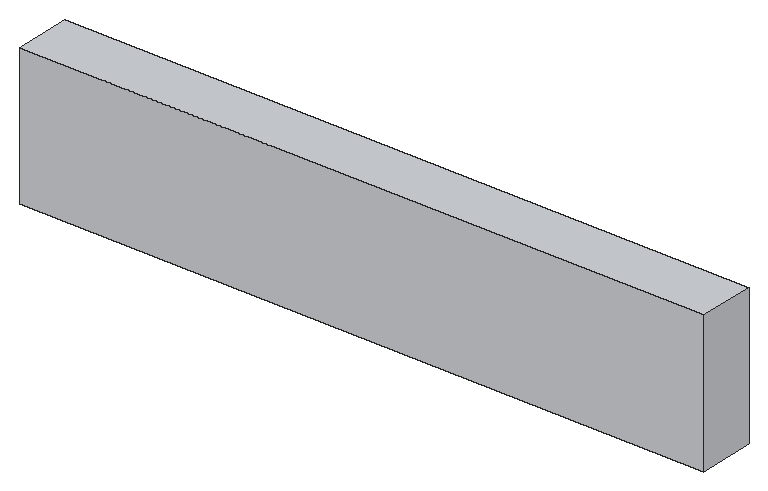
Revit family "NLRS_28_SFR_houten_balk", category Structural Framing, Revit 2020
Family settings
  Section Shape = Rectangle
  Material for Model Behavior = Wood
  Always export as geometry = No
  Always vertical = Yes
  Cut with Voids When Loaded = No
  Symbolic Representation = From Project Settings
  Shared = No
  Show family pre-cut in plan views = Yes
Parameters (values of type "HB 100x250")
  vz = 0.5 * d  # 125 mm
  vy = 0.5 * bf  # 50 mm
  vpz = vz  # 125 mm
  vpy = vy  # 50 mm
  lengte [instance] = 1219.2 mm
  Width = bf  # 100 mm
  W = 10.00 kg/m
  Structural Material [instance] = none
  Section Area = Width * Height  # 250.0 cm²
  REX.Content.Identity = "rgF2ZXI9MjtzaWduYXR1cmU9MjtsYW5nPWVuLVVTO2RiPUVDNXBybztuYW1lMj1CYWxrMTAweDI1MDtuYW1lMT1CQUxLO05BTUUxPUJhbGsgMTAweDI1MDtkaW0xPTEwMDtkaW0yPTA7ZGltMz0yNTA7Y29kZT00MTtOYW1lcz1TeXN0ZW0uQ29sbGVjdGlvbnMuR2VuZXJpYy5MaXN0YDFbU3lzdGVtLlN0cmluZ10="
  Perimeter = 2 * Width + 2 * Height  # 0.70 m²/m
  Moment of Inertia weak axis = (1 mm / 12) * Height * Width * Width  # 20.83 cm4
  Moment of Inertia strong axis = (1 / 12) * Width * Height * Height * Height  # 13020.83 cm4
  Iz = 2083.30 cm4
  Iy = 13020.80 cm4
  Ix = 6234.20 cm4
  Height = d  # 250 mm
  Centroid Vertical = d / 2  # 12.5 cm
  Centroid Horizontal = bf / 2  # 5.0 cm
  Assembly Code = "2B(28.10)"
  Length [instance] = 1500 mm
  bf = 100 mm
  d = 250 mm
  A = 250.0 cm²
Types (3, lengths in mm): name | vz | vpz | W | Section Area | REX.Content.Identity | Perimeter | Moment of Inertia weak axis | Moment of Inertia strong axis | Iz | Iy | Ix | Height | Centroid Vertical | d | A
  HB 100x250 | 125 | 125 | 10.00 kg/m | 250.0 cm² | "rgF2ZXI9MjtzaWduYXR1cmU9MjtsYW5nPWVuLVVTO2RiPUVDNXBybztuYW1lMj1CYWxrMTAweDI1MDtuYW1lMT1CQUxLO05BTUUxPUJhbGsgMTAweDI1MDtkaW0xPTEwMDtkaW0yPTA7ZGltMz0yNTA7Y29kZT00MTtOYW1lcz1TeXN0ZW0uQ29sbGVjdGlvbnMuR2VuZXJpYy5MaXN0YDFbU3lzdGVtLlN0cmluZ10=" | 0.70 m²/m | 20.83 cm4 | 13020.83 cm4 | 2083.30 cm4 | 13020.80 cm4 | 6234.20 cm4 | 250 | 12.5 cm | 250 | 250.0 cm²
  HB 100x225 | 112.5 | 112.5 | 9.00 kg/m | 225.0 cm² | "rgF2ZXI9MjtzaWduYXR1cmU9MjtsYW5nPWVuLVVTO2RiPUVDNXBybztuYW1lMj1CYWxrMTAweDIyNTtuYW1lMT1CQUxLO05BTUUxPUJhbGsgMTAweDIyNTtkaW0xPTEwMDtkaW0yPTA7ZGltMz0yMjU7Y29kZT00MTtOYW1lcz1TeXN0ZW0uQ29sbGVjdGlvbnMuR2VuZXJpYy5MaXN0YDFbU3lzdGVtLlN0cmluZ10=" | 0.65 m²/m | 18.75 cm4 | 9492.19 cm4 | 1875.00 cm4 | 9492.20 cm4 | 5402.80 cm4 | 225 | 11.3 cm | 225 | 225.0 cm²
  HB 100x200 | 100 | 100 | 8.00 kg/m | 200.0 cm² | "rgF2ZXI9MjtzaWduYXR1cmU9MjtsYW5nPWVuLVVTO2RiPUVDNXBybztuYW1lMj1CYWxrMTAweDIwMDtuYW1lMT1CQUxLO05BTUUxPUJhbGsgMTAweDIwMDtkaW0xPTEwMDtkaW0yPTA7ZGltMz0yMDA7Y29kZT00MTtOYW1lcz1TeXN0ZW0uQ29sbGVjdGlvbnMuR2VuZXJpYy5MaXN0YDFbU3lzdGVtLlN0cmluZ10=" | 0.60 m²/m | 16.67 cm4 | 6666.67 cm4 | 1666.70 cm4 | 6666.70 cm4 | 4573.70 cm4 | 200 | 10.0 cm | 200 | 200.0 cm²
Reference planes
  plane 1 "Center (Front/Back)": y = 0
  plane 2: z = 0
  plane 3 "Center (Left/Right)": x = 4.61
  plane 4 "Member Left": x = -604.99
  plane 5 "Member Right": x = 614.21
  plane 6: y = 50
  plane 7: y = -50
  plane 8 "Top": z = 125
  plane 9: z = -125
  plane 10 "Right": x = 766.61
  plane 11 "Left": x = -733.39
Forms (mm)
  Sweep 1, solid, material <- "Structural Material", detail levels fine
    path origin (0, 27.5, 0) x (1, 0, 0) y (0, 1, 0)
      loop
        line (614.21, -27.5) -> (-604.99, -27.5)
    profile "RECS-Profile-Medium : RECS-Profile-Medium" origin (4.61, 0, 0) x (0, -1, 0) y (0, 0, 1)
      loop
        line (-50, 125) -> (-50, -125) -> (50, -125) -> (50, 125) -> (-50, 125)
  Sweep 2, solid, material <- "Structural Material", detail levels medium+fine
    path origin (0, 27.5, 0) x (1, 0, 0) y (0, 1, 0)
      loop
        line (614.21, -27.5) -> (-604.99, -27.5)
    profile "RECS-Profile-Medium : RECS-Profile-Medium" origin (4.61, 0, 0) x (0, -1, 0) y (0, 0, 1)
      loop
        line (-50, 125) -> (-50, -125) -> (50, -125) -> (50, 125) -> (-50, 125)
Lines and regions (mm)
  symbolic lines, style "Stick Symbols", detail levels coarse
    curve 1: line (4.61, -50, -125) -> (4.61, -50, 125)
    curve 2: line (4.61, -50, 125) -> (4.61, 50, 125)
    curve 3: line (4.61, 50, 125) -> (4.61, 50, -125)
    curve 4: line (4.61, 50, -125) -> (4.61, -50, -125)
Dimensions and locks
  "bf": plane 6 to plane 7
  "d": plane 9 to plane 8 "Top"
  "Length": plane 11 "Left" to plane 10 "Right"
  "vy": plane 1 "Center (Front/Back)" to plane 7
  "vz": plane 8 "Top" to plane 2
  "lengte": plane 4 "Member Left" to plane 5 "Member Right"
  aligned and locked: Sweep 1 sketch curve to plane 1 "Center (Front/Back)"
  aligned and locked: Sweep 2 sketch curve to plane 1 "Center (Front/Back)"
  aligned and locked: plane 2 to level
  aligned and locked: curve 2 to plane 8 "Top"
  aligned and locked: plane 6 to curve 3
  aligned and locked: plane 9 to curve 4
  aligned and locked: plane 4 "Member Left" to Sweep 1 sketch curve
  aligned and locked: plane 5 "Member Right" to Sweep 1 sketch curve
  aligned and locked: plane 4 "Member Left" to Sweep 2 sketch curve
  aligned and locked: plane 5 "Member Right" to Sweep 2 sketch curve
Automatic sketch dimensions
  curve 4 to plane 7 = 0 mm
  plane 8 "Top" to curve 3 = 0 mm
